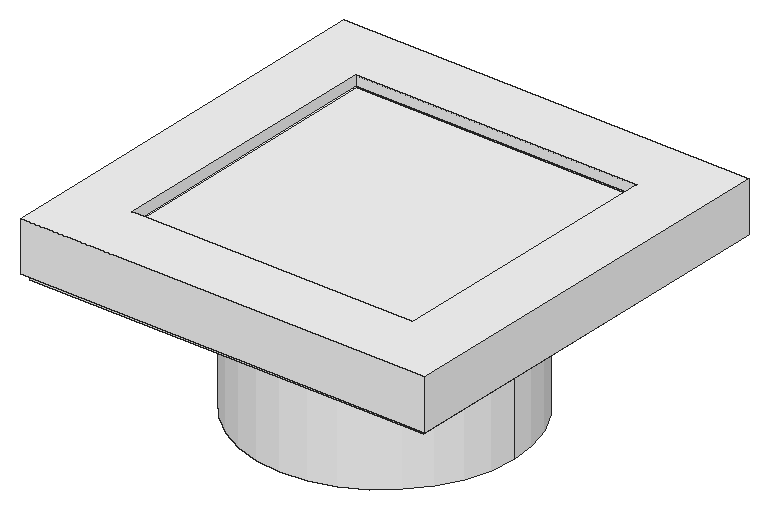
Revit family "Gira_0126600", category Electrical Fixtures, host Face, Revit 2017
Family settings
  Host = Face
  Maintain Annotation Orientation = Yes
  Round Connector Dimension = Use Diameter
  Part Type = Normal
  Cut with Voids When Loaded = No
  Shared = No
  Room Calculation Point = No
Parameters (values of type "PB sw. off/2-way System 55 stainl.steel")
  With mounting plate = "No"
  Wiring system = "Two-way switch"
  White [instance] = White
  Washing machine switch = "No"
  URL = "http://katalog.gira.de/en/datenblatt.html?artikelnr=0126600"
  Type of fastening = "Mounting with claw and screw"
  Surface protection = "Other"
  Surface finishing = "Glossy"
  Suitable for degree of protection (IP) = "IP20"
  Rated current = "10"
  Push button switch = "Yes"
  Number of rockers = "1"
  Number of modules (module system) = "1"
  Nominal voltage = "250"
  Name = "PB sw. off/2-way System 55 stainl.steel"
  Mounting method = "Flush mounted (plaster)"
  Model = "Sys55_Komplettgerät_Schalten und Tasten"
  Method of operation = "Rocker/button"
  Material quality = "Stainless steel"
  Material = "Metal"
  Manufacturer URL = "https://www.gira.de/"
  Manufacturer = "Gira"
  Label space/information surface = "No"
  Illumination = "No"
  HeinzeBIM = "https://bimportal.heinze.de/bim/pb-sw-off-2-way-system-55-stainl-steel/422d18ae74732eee5260244f6fc07975c4052c63"
  Halogen free = "No"
  HAN = "0126600"
  GTIN = "4010337021742"
  Feedback-signal contact = "No"
  Description = "PB sw.off 2-w Sys55 SST,Pushbutton switch 10 AX 250 V~ with rocker,Universal off 2-way switch,Stainless steel,"
  Default Elevation = 1219.2 mm
  Data sheet (1) = "https://katalog.gira.de/en/download.html?artikelnr=0126600"
  Connection type = "Plug clamp"
  Colour = "Stainless steel"
  Category = "Switch"
  BIM (1) = "https://media.stage.bim.site/public/gira/36a6b08/Sys55_Komplettgerät_Schalten und Tasten.rfa?public/gira/36a6b08/Sys55_Komplettgerät_Schalten und Tasten.rfa"
  Available = "No"
  Assembly arrangement = "Basic element with central cover plate"
Reference planes
  plane 1 "Center (Front/Back)": y = 0
  plane 2: z = 0
  plane 3 "Center (Left/Right)": x = 0
Forms (mm)
  Extrusion 1, solid, material "White" <- "White", detail levels medium
    sketch origin (0, 0, 0) x (1, 0, 0) y (0, 1, 0)
      loop
        line (-40.4, 40.4) -> (-40.4, -40.4) -> (40.4, -40.4) -> (40.4, 40.4) -> (-40.4, 40.4)
      loop
        line (-28, 28) -> (-28, -28) -> (28, -28) -> (28, 28) -> (-28, 28)
    from 0 to 10
  Extrusion 2, solid, material "White" <- "White", detail levels fine
    sketch origin (0, 0, 0) x (1, 0, 0) y (0, 1, 0)
      loop
        line (-40.4, 40.4) -> (-40.4, -40.4) -> (40.4, -40.4) -> (40.4, 40.4) -> (-40.4, 40.4)
      loop
        line (-28, 28) -> (-28, -28) -> (28, -28) -> (28, 28) -> (-28, 28)
    from 0 to 10
  Extrusion 3, void
    sketch origin (0, 0, 0) x (1, 0, 0) y (0, 1, 0)
      loop
        line (-38.4, 38.4) -> (-38.4, -38.4) -> (38.4, -38.4) -> (38.4, 38.4) -> (-38.4, 38.4)
    from 0 to 8
  Extrusion 4, solid, material "White" <- "White", detail levels medium+fine
    sketch origin (0, 0, 0) x (1, 0, 0) y (0, 1, 0)
      loop
        line (-39.4, 39.4) -> (-39.4, -39.4) -> (39.4, -39.4) -> (39.4, 39.4) -> (-39.4, 39.4)
    from 0 to -1
  Extrusion 5, solid, material "White" <- "White", detail levels medium+fine
    sketch origin (0, 0, 0) x (1, 0, 0) y (0, 1, 0)
      loop
        line (-35.5, 35.5) -> (-35.5, -35.5) -> (35.5, -35.5) -> (35.5, 35.5) -> (-35.5, 35.5)
    from -2 to -3
  Extrusion 6, solid, material "White" <- "White", detail levels medium+fine
    sketch origin (0, 0, 0) x (1, 0, 0) y (0, 1, 0)
      loop
        circle (0, 0) r 26
    from 0 to -27.5
  Extrusion 7, solid, material "White" <- "White", detail levels coarse
    sketch origin (0, 0, 0) x (1, 0, 0) y (0, 1, 0)
      loop
        line (-40.4, 40.4) -> (-40.4, -40.4) -> (40.4, -40.4) -> (40.4, 40.4) -> (-40.4, 40.4)
    from -27.5 to 10
Cuts and joins
  Extrusion 3 cuts Extrusion 2
Dimensions and locks
  aligned and locked: plane 2 to host face
  aligned and locked: level to host face
  aligned and locked: plane 3 "Center (Left/Right)" to nested 2
  aligned and locked: plane 1 "Center (Front/Back)" to nested 2
Nested families
  nested 1: "Sys55_Abdeckung_Schalten und Tasten_floor_base" at (0, 0, 0), type "Sys55_Abdeckung_Schalten und Tasten_floor_base"
  nested 2: "Schalter" at (0, 0, 0), type "Schalter"
Connectors
  electrical at (0, 0, -27.5)
    settings: on Extrusion 6, index 1, voltage 220 V, apparent load 0 VA, apparent load phase1 0 VA, apparent load phase2 0 VA, apparent load phase3 0 VA, power factor 1, load classification "Other", number of poles 1, system type 30, power factor state 1, is connector primary yes, connector utility no, sub classification motor no, connector description ""
Definition of nested family "Sys55_Abdeckung_Schalten und Tasten_floor_base"
  Parameters
    Default Elevation = 1219.2 mm
    White [instance] = none
  Reference planes
    plane 1 "Center (Front/Back)": y = 0
    plane 2: z = 0
    plane 3 "Center (Left/Right)": x = 0
  Forms (mm)
    Extrusion 1, solid
      sketch origin (0, 0, 0) x (1, 0, 0) y (0, 1, 0)
        loop
          line (-1219.2, 1219.2) -> (-1219.2, -1219.2) -> (1219.2, -1219.2) -> (1219.2, 1219.2) -> (-1219.2, 1219.2)
      from 0 to -304.8
    Extrusion 2, solid, material <- "White", detail levels fine
      sketch origin (0, 0, 0) x (1, 0, 0) y (0, 1, 0)
        loop
          line (-27.5, 27.5) -> (-27.5, -27.5) -> (27.5, -27.5) -> (27.5, 27.5) -> (-27.5, 27.5)
      from 0 to 8
    Extrusion 3, void
      sketch origin (0, 0, 0) x (1, 0, 0) y (0, 1, 0)
        loop
          line (26, 26) -> (-26, 26) -> (-26, -26) -> (26, -26) -> (26, 26)
      from 0 to 6
    Extrusion 4, solid, material <- "White", detail levels medium
      sketch origin (0, 0, 0) x (1, 0, 0) y (0, 1, 0)
        loop
          line (-27.5, 27.5) -> (-27.5, -27.5) -> (27.5, -27.5) -> (27.5, 27.5) -> (-27.5, 27.5)
      from 0 to 8
    Extrusion 5, solid, material <- "White", detail levels medium
      sketch origin (0, 0, 0) x (1, 0, 0) y (0, 1, 0)
        loop
          line (11, -17.5) -> (11, 17.5) -> (-11, 17.5) -> (-11, -17.5) -> (11, -17.5)
      from -6 to 6
    Extrusion 6, solid, material <- "White", detail levels fine
      sketch origin (0, 0, 0) x (1, 0, 0) y (0, 1, 0)
        loop
          line (11, 17.5) -> (-11, 17.5) -> (-11, 16.5) -> (11, 16.5) -> (11, 17.5)
        loop
          line (-11, -16.5) -> (-11, -17.5) -> (11, -17.5) -> (11, -16.5) -> (-11, -16.5)
      from -4 to 6
    Extrusion 7, solid, material <- "White", detail levels fine
      sketch origin (0, 0, 0) x (1, 0, 0) y (0, 1, 0)
        loop
          arc (5, 9.347) -> (0, 10.6) -> (-5, 9.347) r 10.6
          line (-5, 9.347) -> (-5, -9.347)
          arc (-5, -9.347) -> (0, -10.6) -> (5, -9.347) r 10.6
          line (5, -9.347) -> (5, 9.347)
      from -6 to 6
    Extrusion 8, solid, material <- "White", detail levels coarse
      sketch origin (0, 0, 0) x (1, 0, 0) y (0, 1, 0)
        loop
          line (-27.5, 27.5) -> (-27.5, -27.5) -> (27.5, -27.5) -> (27.5, 27.5) -> (-27.5, 27.5)
      from -6 to 8
  Cuts and joins
    Extrusion 3 cuts Extrusion 2
  Dimensions and locks
    aligned and locked: plane 2 to Extrusion 1
    aligned and locked: level to Extrusion 1
Definition of nested family "Schalter"
  Reference planes
    plane 1: y = 0
    plane 2: x = 0
  Lines and regions (mm)
    detail lines
      curve 1: circle (1.375, 2.778, 0) r 0.8 normal (0, 0, 1)
      curve 2: line (1.021, 2.061, 0) -> (0, 0, 0)
      curve 3: line (0, 0, 0) -> (-0.538, 0.266, 0)
  Dimensions and locks
    curve 2 to curve 2 = 2.3 mm
    curve 3 to curve 2 = 0.6 mm
    radius of curve 1 = 0.8 mm
